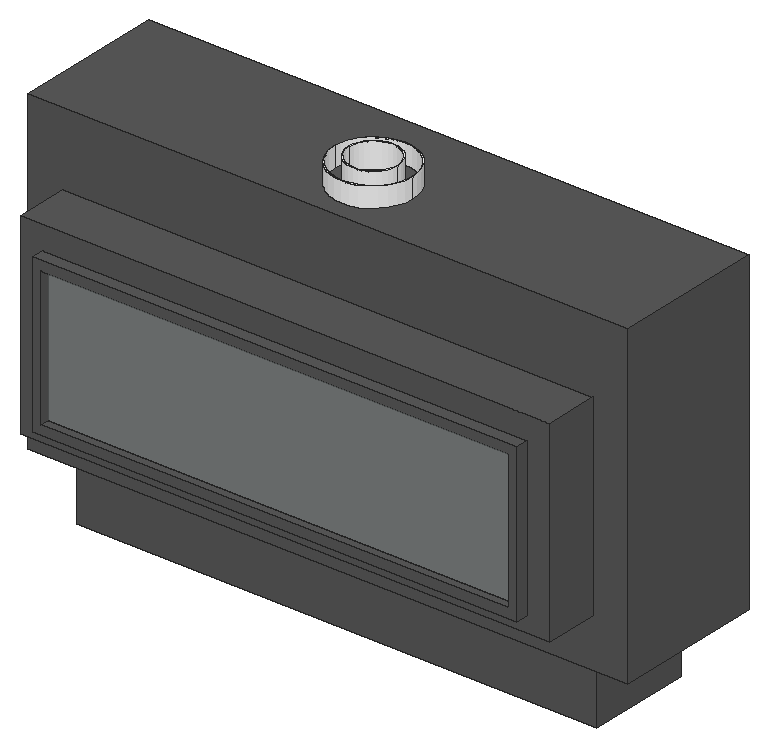
Revit family "R420", category Generic Models, Revit 2019
Family settings
  Can host rebar = No
  Round Connector Dimension = Use Diameter
  Part Type = Normal
  Work Plane-Based = No
  Always vertical = Yes
  Cut with Voids When Loaded = No
  Shared = No
  Room Calculation Point = No
Parameters
  Width = 12 5/16"
  URL = "https://www.montigo.com/"
  Model = ""
  Manufacturer Fax = ""
  Manufacturer Website = "https://www.montigo.com/"
  Manufacturer Phone - Toll Free = "800-378-3115"
  Manufacturer Phone = ""
  Manufacturer Address = "27342 Gloucester Way  Langley, BC, Canada   V4W 4A1"
  Manufacturer = "Montigo"
  Length = 53 7/16"
  Keynote = ""
  Glazing Tint = Glass - Montigo - Tint as Specified
  Frame Material = Metal - Montigo - Black
  Firebox Material = Metal - Montigo - White
  Fire Place Length = 50 5/16"
  Fire Place Height = 24 1/2"
  Fire Place - Opening = 16 9/16"
  Description = "Montigo Fireplace as Specified"
  Base Height = 6 9/16"
Reference planes (in)
  plane 1 "Center (Front/Back)": y = 0
  plane 2: z = 0
  plane 3 "Center (Left/Right)": x = 0
  plane 4: x = -30.341
  plane 5: x = 30.341
Forms (in)
  Extrusion 1, solid, material "Metal - Montigo - Black" <- "Frame Material"
    sketch origin (0, 0, 0) x (1, 0, 0) y (0, 1, 0)
      loop
        line (-30.341, 7.6685) -> (-30.341, -7.5755) -> (30.341, -7.5755) -> (30.341, 7.6685) -> (-30.341, 7.6685)
    from 38.0595 to 5.875
  Extrusion 2, solid, material "Metal - Montigo - Black" <- "Frame Material"
    sketch origin (0, 0, 0) x (1, 0, 0) y (0, 1, 0)
      loop
        line (-26.3557, 4.1695) -> (-26.3557, -6.40942) -> (26.3247, -6.40942) -> (26.3247, 4.1695) -> (-26.3557, 4.1695)
    from 5.875 to 0
  Extrusion 3, solid, material "Metal - Montigo - Black" <- "Frame Material"
    sketch origin (0, 0, 0) x (1, 0, 0) y (0, 1, 0)
      loop
        line (-26.776, -7.5755) -> (-26.776, -13.0105) -> (26.776, -13.0105) -> (26.776, -7.5755) -> (-26.776, -7.5755)
    from 30.622 to 10.843
  Extrusion 4, solid, material "Metal - Montigo - Black" <- "Frame Material"
    sketch origin (0, -5.435, 0) x (1, 0, 0) y (0, 1, 0)
      loop
        line (-24.518, -7.5755) -> (-24.518, -8.857) -> (24.519, -8.857) -> (24.519, -7.5755) -> (-24.518, -7.5755)
    from 28.27255 to 12.429
  Extrusion 5, void
    sketch origin (42.25, -6.4375, 0) x (-1, 0, 0) y (0, 0, -1)
      loop
        line (65.883, -13.344) -> (18.617, -13.344) -> (18.617, -27.358) -> (65.883, -27.358) -> (65.883, -13.344)
    from 7 to 12
Cuts and joins
  Extrusion 5 cuts Extrusion 1
  Extrusion 5 cuts Extrusion 3
  Extrusion 5 cuts Extrusion 4
Dimensions and locks (in)
  Extrusion 1 to Extrusion 1 to level = 32.1845", 5 7/8"
  Extrusion 1 to level = 38.0595"
  Extrusion 1 to Extrusion 1 = 60.682"
  equal spacing: plane 4, plane 3 "Center (Left/Right)", plane 5
  plane 4 to plane 5 = 60.682"
  locked: plane 4 to cut or joined group of Extrusion 3, Extrusion 5 at 3.565
  locked: cut or joined group of Extrusion 3, Extrusion 5 to plane 5 at 3.565
  cut or joined group of Extrusion 4, Extrusion 5 to cut or joined group of Extrusion 3, Extrusion 5 = 2.257"
  locked: cut or joined group of Extrusion 3, Extrusion 5 to cut or joined group of Extrusion 4, Extrusion 5 at 2.258
  locked: cut or joined group of Extrusion 4, Extrusion 5 to cut or joined group of Extrusion 4, Extrusion 5 at 0.885
  locked: cut or joined group of Extrusion 4, Extrusion 5 to cut or joined group of Extrusion 4, Extrusion 5 at 0.886
  locked: plane 4 to Extrusion 2 at 3.9853
  locked: Extrusion 2 to plane 5 at 4.0163
  cut or joined group of Extrusion 1, Extrusion 5 to nested 1 = 9 1/2"
  nested 4 to level = 31 15/16"
  aligned and locked: level to plane 2
  aligned and locked: plane 3 "Center (Left/Right)" to nested 1
  aligned and locked: plane 3 "Center (Left/Right)" to nested 2
  aligned and locked: plane 3 "Center (Left/Right)" to nested 4
  aligned and locked: plane 3 "Center (Left/Right)" to nested 3
Automatic sketch dimensions
  Extrusion 1 sketch curve to plane 4 = 0"
  plane 5 to Extrusion 1 sketch curve = 0"
  plane 1 "Center (Front/Back)" to Extrusion 1 sketch curve = 7.5755"
  Extrusion 1 sketch curve to plane 1 "Center (Front/Back)" = 7.6685"
  plane 4 to Extrusion 2 sketch curve = 3.9853"
  plane 5 to Extrusion 2 sketch curve = 4.0163"
  plane 1 "Center (Front/Back)" to Extrusion 2 sketch curve = 6.40942"
  Extrusion 2 sketch curve to plane 1 "Center (Front/Back)" = 4.1695"
  plane 4 to Extrusion 3 sketch curve = 3.565"
  plane 5 to Extrusion 3 sketch curve = 3.565"
  plane 1 "Center (Front/Back)" to Extrusion 3 sketch curve = 13.0105"
  Extrusion 3 sketch curve to Extrusion 3 sketch curve = 5.435"
  plane 4 to Extrusion 4 sketch curve = 5.823"
  plane 5 to Extrusion 4 sketch curve = 5.822"
  plane 1 "Center (Front/Back)" to Extrusion 4 sketch curve = 14.292"
  Extrusion 4 sketch curve to Extrusion 4 sketch curve = 1.2815"
  plane 5 to Extrusion 5 sketch curve = 6.708"
  plane 4 to Extrusion 5 sketch curve = 6.708"
  level to Extrusion 5 sketch curve = 27.358"
  level to Extrusion 5 sketch curve = 13.344"
Nested families (in)
  nested 1: "Duct Dia" at (0, -1.8315, 38.0595), type "5""
    with Intake Duct Dia 5", Intake Diameter 4 7/8", Height 2 1/2"
  nested 2: "Duct Dia" at (0, -1.8315, 38.0595), type "8""
    with Intake Duct Dia 8", Intake Diameter 7 7/8", Height 2"
  nested 3: "Duct Dia" at (0, 7.6685, 31.9375) x (1, 0, 0) z (0, 1, 0), type "5""
    with Intake Duct Dia 5", Intake Diameter 4 7/8", Height 2 1/2"
  nested 4: "Duct Dia" at (0, 7.6685, 31.9375) x (1, 0, 0) z (0, 1, 0), type "8""
    with Intake Duct Dia 8", Intake Diameter 7 7/8", Height 2"
Connectors (in)
  hvac at (0, -1.8315, 40.5595)
    settings: on nested 1, index 1, duct flow 0.0 L/s, flow factor 0, pres drop 0.0 Pa, loss coef 0, conn angle 0.00°, conn width 304.8 mm, conn height 304.8 mm, conn diameter 127 mm, duct sys type 1, conn prof type 0, flow config 0, flow direction 0, loss method 0, conn ref index -1, conn util no, is conn primary yes, conn desc ""
  hvac at (0, -1.8315, 40.0595)
    settings: on nested 2, index 2, duct flow 0.0 L/s, flow factor 0, pres drop 0.0 Pa, loss coef 0, conn angle 0.00°, conn width 304.8 mm, conn height 304.8 mm, conn diameter 203.2 mm, duct sys type 1, conn prof type 0, flow config 0, flow direction 0, loss method 0, conn ref index -1, conn util no, is conn primary no, conn desc ""
  hvac at (0, 10.1685, 31.9375)
    settings: on nested 3, index 3, duct flow 0.0 L/s, flow factor 0, pres drop 0.0 Pa, loss coef 0, conn angle 0.00°, conn width 304.8 mm, conn height 304.8 mm, conn diameter 127 mm, duct sys type 1, conn prof type 0, flow config 0, flow direction 0, loss method 0, conn ref index -1, conn util no, is conn primary no, conn desc ""
  hvac at (0, 9.6685, 31.9375)
    settings: on nested 4, index 4, duct flow 0.0 L/s, flow factor 0, pres drop 0.0 Pa, loss coef 0, conn angle 0.00°, conn width 304.8 mm, conn height 304.8 mm, conn diameter 203.2 mm, duct sys type 1, conn prof type 0, flow config 0, flow direction 0, loss method 0, conn ref index -1, conn util no, is conn primary no, conn desc ""
Definition of nested family "Duct Dia"
  Parameters (values of type "15 7/8" Dia.")
    Intake Duct Dia = 15 7/8"
    Intake Diameter = Intake Duct Dia - 1/8"  # 15 3/4"
    Height = 4"
    Firebox Material = none
    Default Elevation = 48"
  Types (12): name | Intake Duct Dia | Intake Diameter | Height
    9 7/8" Dia. | 9 7/8" | 9 3/4" | 4"
    7 7/8" Dia | 7 7/8" | 7 3/4" | 4"
    8 1/8" Dia | 8 1/8" | 8" | 1/4"
    11 3/4" Dia | 11 3/4" | 11 5/8" | 4"
    4" Dia | 10" | 9 7/8" | 4"
    7 3/4" Dia | 7 3/4" | 7 5/8" | 4"
    6 7/8" Dia | 6 7/8" | 6 3/4" | 1/4"
    9 3/4" Dia. | 9 3/4" | 9 5/8" | 4"
    7 1/8" Dia | 7 1/8" | 7" | 1/4"
    11 7/8" Dia. | 11 7/8" | 11 3/4" | 4"
    13 7/8" Dia. | 13 7/8" | 13 3/4" | 4"
    15 7/8" Dia. | 15 7/8" | 15 3/4" | 4"
  Reference planes (in)
    plane 1 "Center (Front/Back)": y = 0
    plane 2: z = 0
    plane 3 "Center (Left/Right)": x = 0
    plane 4: z = 4
  Forms (in)
    Extrusion 1, solid
      sketch origin (0, 0, 0) x (1, 0, 0) y (0, 1, 0)
        loop
          line (-48, 48) -> (-48, -48) -> (48, -48) -> (48, 48) -> (-48, 48)
      from 0 to -12
    Extrusion 2, solid, material <- "Firebox Material"
      sketch origin (0, 0, 0) x (1, 0, 0) y (0, 1, 0)
        loop
          circle (0, 0) r 7.9375
        loop
          circle (0, 0) r 7.875
      from 0 to 4
  Dimensions and locks (in)
    "Height": plane 4 to level
    "Intake Duct Dia": diameter of Extrusion 2 sketch curve
    "Intake Diameter": diameter of Extrusion 2 sketch curve
    aligned and locked: plane 2 to Extrusion 1
    aligned and locked: level to Extrusion 1
    aligned and locked: plane 4 to Extrusion 2
  Automatic sketch dimensions
    Extrusion 1 sketch curve to Extrusion 1 sketch curve = 96"  (x2)
    Extrusion 2 sketch curve to Extrusion 2 sketch curve = 0"  (x2)
    plane 1 "Center (Front/Back)" to Extrusion 2 sketch curve = 0"
    Extrusion 2 sketch curve to plane 3 "Center (Left/Right)" = 0"
